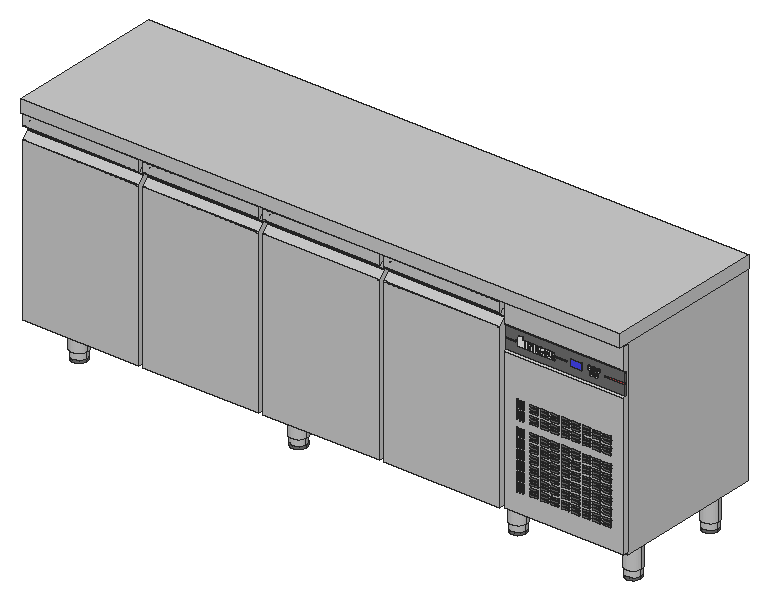
Revit family "QF_INOMAK_PMRP9999_250528093421", category Specialty Equipment, Revit 2021 (continued)
Definition of nested family "QF_INOMAK_REF_COUNTERS_DOORS_DRAWERS_26161"
  Definition of nested family "3_Drawers_1-3"
    Automatic sketch dimensions
      Extrusion 6 sketch curve to Extrusion 6 sketch curve = 1.556 mm
      plane 7 "Front legs" to Extrusion 6 sketch curve = 9.971 mm
      plane 7 "Front legs" to Extrusion 6 sketch curve = 21.094 mm
      Extrusion 6 sketch curve to Extrusion 6 sketch curve = 11.91 mm
      Extrusion 6 sketch curve to Extrusion 6 sketch curve = 2.243 mm
      Extrusion 6 sketch curve to Extrusion 6 sketch curve = 2.385 mm
      Extrusion 6 sketch curve to Extrusion 6 sketch curve = 20.119 mm
      plane 19 to Extrusion 6 sketch curve = 89.302 mm
      Extrusion 6 sketch curve to Extrusion 6 sketch curve = 22.822 mm
      Extrusion 6 sketch curve to Extrusion 6 sketch curve = 23.985 mm
      Extrusion 6 sketch curve to Extrusion 6 sketch curve = 6.919 mm
  Definition of nested family "2_Drawers_1-2"
    Parameters (values of type "2 Drawers 1-2")
      URL = "www.specifiglobal.com"
      Top inset [instance] = 4 mm
      Right panel thickness [instance] = 35 mm
      Rear inset [instance] = 10 mm
      Plinth height [instance] = 150 mm
      Model = ""
      Manufacturer = "DEMO CONSULTANT"
      Length Actual [instance] = 1200 mm
      Left panel thickness [instance] = 35 mm
      Height Actual [instance] = 900 mm
      Front inset [instance] = 10 mm
      Finish = none
      Doors drawers type [instance] = 4
      Description = ""
      Depth Actual [instance] = 700 mm
      Default Elevation = 0 mm
      Bottom inset [instance] = 4 mm
      Assembly Code = "E1090320"
      2 Drawers [instance] = Doors drawers type = 4  # yes
    Reference planes
      plane 1 "Back": y = 0
      plane 2: z = 0
      plane 3 "Left": x = 0
      plane 4 "Right": x = 1200
      plane 5 "Front": y = -700
      plane 6 "Top": z = 1050
      plane 7 "Front legs": y = -690
      plane 8 "Legs top": z = 150
      plane 9 "Backsplash thickness": y = -10
      plane 10 "Left panel": x = 35
      plane 11 "Right panel": x = 1165
      plane 12: z = 600
      plane 13: z = 1046
      plane 14: z = 602
      plane 15: z = 598
      plane 16: z = 154
    Forms (mm)
      Extrusion 1, solid, material <- "Finish", visible <- "2 Drawers"
        sketch origin (35, 0, 0) x (0, -1, 0) y (0, 0, 1)
          loop
            line (690, 602) -> (690, 960.365)
            arc (690, 960.365) -> (689.866, 961.037) -> (689.485, 961.607) r 1.757
            line (689.485, 961.607) -> (666.663, 984.429)
            arc (666.663, 984.429) -> (665.976, 985.458) -> (665.734, 986.672) r 3.172
            line (665.734, 986.672) -> (665.734, 1013.576)
            arc (665.734, 1013.576) -> (666.433, 1015.262) -> (668.119, 1015.961) r 2.385
            line (668.119, 1015.961) -> (680.029, 1015.961) -> (686.544, 1006.657)
            arc (686.544, 1006.657) -> (688.671, 1005.935) -> (690, 1007.747) r 1.9
            line (690, 1007.747) -> (690, 1046) -> (648, 1046) -> (648, 602) -> (690, 602)
        from 0 to -1130
      Extrusion 2, solid, visible <- "2 Drawers", detail levels coarse
        sketch origin (0, -640.463, 602) x (0, 1, 0) y (-1, 0, 0)
          loop
            line (-49.537, -35) -> (-624.537, -35) -> (-624.537, -1165) -> (-49.537, -1165) -> (-49.537, -35)
        from 0 to 444
      Extrusion 3, solid, visible <- "2 Drawers", detail levels coarse
        sketch origin (0, -700, 154) x (-1, 0, 0) y (0, 1, 0)
          loop
            line (-35, 10) -> (-1165, 10) -> (-1165, -565) -> (-35, -565) -> (-35, 10)
        from 0 to -444
      Extrusion 4, solid, material <- "Finish", visible <- "2 Drawers"
        sketch origin (35, 0, -441.333) x (0, -1, 0) y (0, 0, 1)
          loop
            line (690, 595.333) -> (690, 953.698)
            arc (690, 953.698) -> (689.866, 954.37) -> (689.485, 954.94) r 1.757
            line (689.485, 954.94) -> (666.663, 977.763)
            arc (666.663, 977.763) -> (665.976, 978.792) -> (665.734, 980.006) r 3.172
            line (665.734, 980.006) -> (665.734, 1006.909)
            arc (665.734, 1006.909) -> (666.433, 1008.596) -> (668.119, 1009.294) r 2.385
            line (668.119, 1009.294) -> (680.029, 1009.294) -> (686.544, 999.991)
            arc (686.544, 999.991) -> (688.671, 999.268) -> (690, 1001.08) r 1.9
            line (690, 1001.08) -> (690, 1039.333) -> (648, 1039.333) -> (648, 595.333) -> (690, 595.333)
        from 0 to -1130
    Lines and regions (mm)
      symbolic lines, visible <- "2 Drawers"
        curve 1: line (35, -940, 900) -> (35, -980, 900)
        curve 2: line (35, -980, 900) -> (1165, -980, 900)
        curve 3: line (1165, -980, 900) -> (1165, -940, 900)
        curve 4: line (1165, -940, 900) -> (35, -940, 900)
        curve 5: line (1135, -940, 900) -> (1135, -700, 900)
        curve 6: line (65, -940, 900) -> (65, -700, 900)
        curve 7: line (35, -1225, 900) -> (35, -1265, 900)
        curve 8: line (35, -1265, 900) -> (1165, -1265, 900)
        curve 9: line (1165, -1265, 900) -> (1165, -1225, 900)
        curve 10: line (1165, -1225, 900) -> (35, -1225, 900)
        curve 11: line (1135, -1225, 900) -> (1135, -980, 900)
        curve 12: line (65, -1225, 900) -> (65, -980, 900)
    Dimensions and locks
      "Length Actual": plane 3 "Left" to plane 4 "Right"
      "Depth Actual": plane 5 "Front" to plane 1 "Back"
      "Height Actual": plane 6 "Top" to plane 8 "Legs top"
      "Front inset": plane 7 "Front legs" to plane 5 "Front"
      "Plinth height": plane 8 "Legs top" to plane 2
      "Rear inset": plane 9 "Backsplash thickness" to plane 1 "Back"
      "Right panel thickness": plane 11 "Right panel" to plane 4 "Right"
      "Left panel thickness": plane 3 "Left" to plane 10 "Left panel"
      "Top inset": plane 6 "Top" to plane 13
      "Bottom inset": plane 16 to plane 8 "Legs top"
      equal spacing: plane 16, plane 12, plane 13
      locked: plane 14 to plane 12 at 2
      locked: plane 15 to plane 12 at 2
      aligned and locked: level to plane 2
      aligned and locked: Extrusion 1 to plane 11 "Right panel"
      aligned and locked: plane 10 "Left panel" to curve 1
      aligned and locked: plane 10 "Left panel" to curve 7
      aligned and locked: Extrusion 2 sketch curve to plane 10 "Left panel"
      aligned and locked: plane 11 "Right panel" to Extrusion 2 sketch curve
      aligned and locked: Extrusion 3 sketch curve to plane 10 "Left panel"
      aligned and locked: plane 11 "Right panel" to Extrusion 3 sketch curve
      aligned and locked: Extrusion 2 to plane 13
      aligned and locked: Extrusion 4 to plane 11 "Right panel"
      aligned and locked: Extrusion 3 to plane 15
      aligned and locked: Extrusion 1 sketch curve to plane 13
      aligned and locked: Extrusion 1 sketch curve to plane 7 "Front legs"
      aligned and locked: plane 14 to Extrusion 1 sketch curve
      aligned and locked: Extrusion 4 sketch curve to plane 15
      aligned and locked: Extrusion 4 sketch curve to plane 7 "Front legs"
      aligned and locked: Extrusion 4 sketch curve to plane 16
    Automatic sketch dimensions
      Extrusion 2 sketch curve to plane 7 "Front legs" = 0 mm
      Extrusion 2 sketch curve to plane 5 "Front" = 565 mm
      Extrusion 3 sketch curve to plane 7 "Front legs" = 0 mm
      Extrusion 3 sketch curve to plane 5 "Front" = 565 mm
      curve 9 to plane 11 "Right panel" = 0 mm
      curve 2 to plane 11 "Right panel" = 0 mm
      curve 5 to plane 5 "Front" = 0 mm
      curve 6 to plane 5 "Front" = 0 mm
      curve 1 to plane 5 "Front" = 240 mm
      curve 3 to curve 3 = 40 mm
      curve 7 to curve 1 = 245 mm
      curve 8 to curve 9 = 40 mm
      plane 11 "Right panel" to curve 5 = 30 mm
      curve 2 to curve 11 = 30 mm
      curve 6 to plane 10 "Left panel" = 30 mm
      curve 12 to plane 10 "Left panel" = 30 mm
      Extrusion 1 sketch curve to Extrusion 1 sketch curve = 17.734 mm
      Extrusion 1 sketch curve to Extrusion 1 sketch curve = 0.929 mm
      Extrusion 1 sketch curve to Extrusion 1 sketch curve = 2.385 mm
      Extrusion 1 sketch curve to Extrusion 1 sketch curve = 3.172 mm
      Extrusion 1 sketch curve to Extrusion 1 sketch curve = 11.91 mm
      Extrusion 1 sketch curve to Extrusion 1 sketch curve = 6.515 mm
      Extrusion 1 sketch curve to Extrusion 1 sketch curve = 1.556 mm
      Extrusion 1 sketch curve to Extrusion 1 sketch curve = 21.58 mm
      Extrusion 1 sketch curve to Extrusion 1 sketch curve = 1.242 mm
      Extrusion 1 sketch curve to Extrusion 1 sketch curve = 1.9 mm
      Extrusion 1 sketch curve to Extrusion 1 sketch curve = 0.515 mm
      Extrusion 1 sketch curve to Extrusion 1 sketch curve = 22.822 mm
      Extrusion 1 sketch curve to Extrusion 1 sketch curve = 19.985 mm
      Extrusion 1 sketch curve to Extrusion 1 sketch curve = 6.919 mm
      Extrusion 1 sketch curve to Extrusion 1 sketch curve = 30.039 mm
      Extrusion 4 sketch curve to plane 7 "Front legs" = 0 mm
      plane 7 "Front legs" to Extrusion 4 sketch curve = 0.515 mm
      plane 7 "Front legs" to Extrusion 4 sketch curve = 1.757 mm
      plane 7 "Front legs" to Extrusion 4 sketch curve = 1.9 mm
      Extrusion 4 sketch curve to Extrusion 4 sketch curve = 1.556 mm
      plane 7 "Front legs" to Extrusion 4 sketch curve = 9.971 mm
      plane 7 "Front legs" to Extrusion 4 sketch curve = 21.094 mm
      Extrusion 4 sketch curve to Extrusion 4 sketch curve = 11.91 mm
      Extrusion 4 sketch curve to Extrusion 4 sketch curve = 2.243 mm
      Extrusion 4 sketch curve to Extrusion 4 sketch curve = 2.385 mm
      Extrusion 4 sketch curve to Extrusion 4 sketch curve = 20.119 mm
      Extrusion 4 sketch curve to Extrusion 4 sketch curve = 22.822 mm
      Extrusion 4 sketch curve to Extrusion 4 sketch curve = 19.985 mm
      Extrusion 4 sketch curve to Extrusion 4 sketch curve = 6.919 mm
      Extrusion 4 sketch curve to Extrusion 4 sketch curve = 30.039 mm
  Definition of nested family "2_Drawers_1-3_2-3"
    Parameters (values of type "2 Drawers 1-3 and 2-3")
      URL = "www.specifiglobal.com"
      Top inset [instance] = 4 mm
      Right panel thickness [instance] = 35 mm
      Rear inset [instance] = 10 mm
      Plinth height [instance] = 150 mm
      Model = ""
      Manufacturer = "DEMO CONSULTANT"
      Length Actual [instance] = 1200 mm
      Left panel thickness [instance] = 35 mm
      Height Actual [instance] = 900 mm
      Front inset [instance] = 10 mm
      Finish = none
      Doors drawers type [instance] = 5
      Description = ""
      Depth Actual [instance] = 700 mm
      Default Elevation = 0 mm
      Bottom inset [instance] = 4 mm
      Assembly Code = "E1090320"
      2 Drawers 1-3 and 2-3 [instance] = Doors drawers type = 5  # yes
    Reference planes
      plane 1 "Back": y = 0
      plane 2: z = 0
      plane 3 "Left": x = 0
      plane 4 "Right": x = 1200
      plane 5 "Front": y = -700
      plane 6 "Top": z = 1050
      plane 7 "Front legs": y = -690
      plane 8 "Legs top": z = 150
      plane 9 "Backsplash thickness": y = -10
      plane 10 "Left panel": x = 35
      plane 11 "Right panel": x = 1165
      plane 12: z = 1046
      plane 13: z = 751.833
      plane 14: z = 746.833
      plane 15: z = 154
      plane 16: z = 450.667
      plane 17: z = 152
      plane 18: z = 1048
      plane 19: z = 749.333
    Forms (mm)
      Extrusion 1, solid, material <- "Finish", visible <- "2 Drawers 1-3 and 2-3"
        sketch origin (35, 0, 0) x (0, -1, 0) y (0, 0, 1)
          loop
            line (690, 751.833) -> (690, 960.365)
            arc (690, 960.365) -> (689.866, 961.037) -> (689.485, 961.607) r 1.757
            line (689.485, 961.607) -> (666.663, 984.429)
            arc (666.663, 984.429) -> (665.976, 985.458) -> (665.734, 986.672) r 3.172
            line (665.734, 986.672) -> (665.734, 1013.576)
            arc (665.734, 1013.576) -> (666.433, 1015.262) -> (668.119, 1015.961) r 2.385
            line (668.119, 1015.961) -> (680.029, 1015.961) -> (686.544, 1006.657)
            arc (686.544, 1006.657) -> (688.671, 1005.935) -> (690, 1007.747) r 1.9
            line (690, 1007.747) -> (690, 1046) -> (648, 1046) -> (648, 751.833) -> (690, 751.833)
        from 0 to -1130
      Extrusion 2, solid, visible <- "2 Drawers 1-3 and 2-3", detail levels coarse
        sketch origin (0, -640.463, 751.833) x (0, 1, 0) y (-1, 0, 0)
          loop
            line (-49.537, -35) -> (-624.537, -35) -> (-624.537, -1165) -> (-49.537, -1165) -> (-49.537, -35)
        from 0 to 294.167
      Extrusion 3, solid, visible <- "2 Drawers 1-3 and 2-3", detail levels coarse
        sketch origin (0, -700, 154) x (-1, 0, 0) y (0, 1, 0)
          loop
            line (-35, 10) -> (-1165, 10) -> (-1165, -565) -> (-35, -565) -> (-35, 10)
        from 0 to -592.833
      Extrusion 4, solid, material <- "Finish", visible <- "2 Drawers 1-3 and 2-3"
        sketch origin (35, 0, -441.333) x (0, -1, 0) y (0, 0, 1)
          loop
            line (690, 595.333) -> (690, 1101.698)
            arc (690, 1101.698) -> (689.866, 1102.37) -> (689.485, 1102.94) r 1.757
            line (689.485, 1102.94) -> (666.663, 1126.596)
            arc (666.663, 1126.596) -> (665.976, 1127.625) -> (665.734, 1128.839) r 3.172
            line (665.734, 1128.839) -> (665.734, 1155.743)
            arc (665.734, 1155.743) -> (666.433, 1157.429) -> (668.119, 1158.128) r 2.385
            line (668.119, 1158.128) -> (680.029, 1158.128) -> (686.544, 1148.824)
            arc (686.544, 1148.824) -> (688.671, 1148.102) -> (690, 1149.914) r 1.9
            line (690, 1149.914) -> (690, 1188.167) -> (648, 1188.167) -> (648, 595.333) -> (690, 595.333)
        from 0 to -1130
    Lines and regions (mm)
      symbolic lines, visible <- "2 Drawers 1-3 and 2-3"
        curve 1: line (35, -1000, 900) -> (35, -1040, 900)
        curve 2: line (35, -1040, 900) -> (1165, -1040, 900)
        curve 3: line (1165, -1040, 900) -> (1165, -1000, 900)
        curve 4: line (1165, -1000, 900) -> (35, -1000, 900)
        curve 5: line (1135, -1000, 900) -> (1135, -700, 900)
        curve 6: line (65, -1000, 900) -> (65, -700, 900)
        curve 7: line (35, -1225, 900) -> (35, -1265, 900)
        curve 8: line (35, -1265, 900) -> (1165, -1265, 900)
        curve 9: line (1165, -1265, 900) -> (1165, -1225, 900)
        curve 10: line (1165, -1225, 900) -> (35, -1225, 900)
        curve 11: line (1135, -1225, 900) -> (1135, -1040, 900)
        curve 12: line (65, -1225, 900) -> (65, -1040, 900)
    Dimensions and locks
      "Length Actual": plane 3 "Left" to plane 4 "Right"
      "Depth Actual": plane 5 "Front" to plane 1 "Back"
      "Height Actual": plane 6 "Top" to plane 8 "Legs top"
      "Front inset": plane 7 "Front legs" to plane 5 "Front"
      "Plinth height": plane 8 "Legs top" to plane 2
      "Rear inset": plane 9 "Backsplash thickness" to plane 1 "Back"
      "Right panel thickness": plane 11 "Right panel" to plane 4 "Right"
      "Left panel thickness": plane 3 "Left" to plane 10 "Left panel"
      "Top inset": plane 6 "Top" to plane 12
      locked: plane 13 to plane 14 at 5
      "Bottom inset": plane 15 to plane 8 "Legs top"
      equal spacing: plane 17, plane 16, plane 19, plane 18
      equal spacing: plane 12, plane 18, plane 6 "Top"
      equal spacing: plane 14, plane 19, plane 13
      equal spacing: plane 15, plane 17, plane 8 "Legs top"
      aligned and locked: level to plane 2
      aligned and locked: Extrusion 1 to plane 11 "Right panel"
      aligned and locked: plane 10 "Left panel" to curve 1
      aligned and locked: plane 10 "Left panel" to curve 7
      aligned and locked: Extrusion 2 sketch curve to plane 10 "Left panel"
      aligned and locked: plane 11 "Right panel" to Extrusion 2 sketch curve
      aligned and locked: Extrusion 3 sketch curve to plane 10 "Left panel"
      aligned and locked: plane 11 "Right panel" to Extrusion 3 sketch curve
      aligned and locked: Extrusion 2 to plane 12
      aligned and locked: Extrusion 4 to plane 11 "Right panel"
      aligned and locked: Extrusion 3 to plane 14
      aligned and locked: plane 13 to Extrusion 1 sketch curve
      aligned and locked: Extrusion 2 to Extrusion 1 sketch curve
      aligned and locked: Extrusion 3 to Extrusion 4 sketch curve
      aligned and locked: Extrusion 4 sketch curve to Extrusion 3  (x2)
      aligned and locked: Extrusion 1 sketch curve to plane 7 "Front legs"
    Automatic sketch dimensions
      Extrusion 2 sketch curve to plane 7 "Front legs" = 0 mm
      Extrusion 2 sketch curve to plane 5 "Front" = 565 mm
      Extrusion 3 sketch curve to plane 7 "Front legs" = 0 mm
      Extrusion 3 sketch curve to plane 5 "Front" = 565 mm
      curve 9 to plane 11 "Right panel" = 0 mm
      curve 2 to plane 11 "Right panel" = 0 mm
      curve 5 to plane 5 "Front" = 0 mm
      curve 6 to plane 5 "Front" = 0 mm
      curve 1 to plane 5 "Front" = 300 mm
      curve 3 to curve 3 = 40 mm
      curve 7 to curve 1 = 185 mm
      curve 8 to curve 9 = 40 mm
      plane 11 "Right panel" to curve 5 = 30 mm
      curve 11 to curve 5 = 0 mm
      curve 6 to plane 10 "Left panel" = 30 mm
      curve 12 to curve 6 = 0 mm
      Extrusion 1 sketch curve to plane 7 "Front legs" = 0 mm
      plane 7 "Front legs" to Extrusion 1 sketch curve = 0.515 mm
      plane 7 "Front legs" to Extrusion 1 sketch curve = 1.757 mm
      plane 7 "Front legs" to Extrusion 1 sketch curve = 1.9 mm
      Extrusion 1 sketch curve to Extrusion 1 sketch curve = 1.556 mm
      plane 7 "Front legs" to Extrusion 1 sketch curve = 9.971 mm
      plane 7 "Front legs" to Extrusion 1 sketch curve = 21.094 mm
      Extrusion 1 sketch curve to Extrusion 1 sketch curve = 11.91 mm
      Extrusion 1 sketch curve to Extrusion 1 sketch curve = 2.243 mm
      Extrusion 1 sketch curve to Extrusion 1 sketch curve = 2.385 mm
      Extrusion 1 sketch curve to Extrusion 1 sketch curve = 20.119 mm
      plane 12 to Extrusion 1 sketch curve = 85.635 mm
      Extrusion 1 sketch curve to Extrusion 1 sketch curve = 22.822 mm
      Extrusion 1 sketch curve to Extrusion 1 sketch curve = 19.985 mm
      Extrusion 1 sketch curve to Extrusion 1 sketch curve = 6.919 mm
      plane 12 to Extrusion 1 sketch curve = 0 mm
      Extrusion 4 sketch curve to plane 7 "Front legs" = 0 mm
      plane 7 "Front legs" to Extrusion 4 sketch curve = 0.515 mm
      plane 7 "Front legs" to Extrusion 4 sketch curve = 1.9 mm
      Extrusion 4 sketch curve to Extrusion 4 sketch curve = 1.556 mm
      plane 7 "Front legs" to Extrusion 4 sketch curve = 9.971 mm
      plane 7 "Front legs" to Extrusion 4 sketch curve = 21.094 mm
      Extrusion 4 sketch curve to Extrusion 4 sketch curve = 11.91 mm
      Extrusion 4 sketch curve to Extrusion 4 sketch curve = 2.243 mm
      Extrusion 4 sketch curve to Extrusion 4 sketch curve = 2.385 mm
      Extrusion 4 sketch curve to Extrusion 4 sketch curve = 20.119 mm
      Extrusion 4 sketch curve to Extrusion 4 sketch curve = 86.469 mm
      Extrusion 4 sketch curve to Extrusion 4 sketch curve = 23.656 mm
      Extrusion 4 sketch curve to Extrusion 4 sketch curve = 19.985 mm
      Extrusion 4 sketch curve to Extrusion 4 sketch curve = 6.919 mm
      plane 7 "Front legs" to Extrusion 4 sketch curve = 1.757 mm
  Definition of nested family "Sliding_Doors"
    Parameters (values of type "Sliding doors")
      URL = "www.specifiglobal.com"
      Top inset [instance] = 4 mm
      Sliding doors [instance] = Doors drawers type = 2  # yes
      Right panel thickness [instance] = 35 mm
      Rear inset [instance] = 10 mm
      Plinth height [instance] = 150 mm
      Model = ""
      Manufacturer = "DEMO CONSULTANT"
      Length Actual [instance] = 1200 mm
      Left panel thickness [instance] = 35 mm
      Height Actual [instance] = 900 mm
      Front inset [instance] = 10 mm
      Finish [instance] = none
      Doors drawers type [instance] = 2
      Description = ""
      Depth Actual [instance] = 700 mm
      Default Elevation = 0 mm
      Bottom inset [instance] = 4 mm
      Assembly Code = "E1090320"
    Reference planes
      plane 1 "Back": y = 0
      plane 2: z = 0
      plane 3 "Left": x = 0
      plane 4 "Right": x = 1200
      plane 5 "Front": y = -700
      plane 6 "Top": z = 1050
      plane 7 "Front legs": y = -690
      plane 8 "Legs top": z = 150
      plane 9 "Backsplash thickness": y = -10
      plane 10: x = 35
      plane 11: x = 1165
      plane 12 "Center Left-Right": x = 600
      plane 13: z = 154
      plane 14: z = 1046
    Forms (mm)
      Extrusion 1, solid, material <- "Finish", visible <- "Sliding doors"
        sketch origin (0, -690, 154) x (-1, 0, 0) y (0, 1, 0)
          loop
            line (-35, 10) -> (-35, 20) -> (-620, 20) -> (-620, 0) -> (-91.156, 0)
            arc (-91.156, 0) -> (-85.272, 0.885) -> (-79.91, 3.461) r 20
            line (-79.91, 3.461) -> (-60, 17) -> (-38, 17) -> (-38, 10)
            arc (-38, 10) -> (-40.05, 5.05) -> (-45, 3) r 7
            line (-45, 3) -> (-50.012, 3) -> (-50.012, 0) -> (-45, 0)
            arc (-45, 0) -> (-37.929, 2.929) -> (-35, 10) r 10
        from 0 to -892
      Extrusion 2, solid, material <- "Finish", visible <- "Sliding doors"
        sketch origin (0, -689, 154) x (-1, 0, 0) y (0, 1, 0)
          loop
            arc (-1065, 30) -> (-1062.071, 22.929) -> (-1055, 20) r 10
            line (-1055, 20) -> (-1049.988, 20) -> (-1049.988, 23) -> (-1055, 23)
            arc (-1055, 23) -> (-1059.95, 25.05) -> (-1062, 30) r 7
            line (-1062, 30) -> (-1062, 37) -> (-1040, 37) -> (-1020.09, 23.461)
            arc (-1020.09, 23.461) -> (-1014.728, 20.885) -> (-1008.844, 20) r 20
            line (-1008.844, 20) -> (-480, 20) -> (-480, 40) -> (-1065, 40) -> (-1065, 30)
        from 0 to -892
    Lines and regions (mm)
      symbolic lines, visible <- "Sliding doors"
        curve 1: line (1065, -649, 150) -> (480, -649, 150)
        curve 2: line (1065, -669, 150) -> (1065, -649, 150)
        curve 3: line (480, -669, 150) -> (1065, -669, 150)
        curve 4: line (480, -649, 150) -> (480, -669, 150)
        curve 5: line (620, -690, 150) -> (35, -690, 150)
        curve 6: line (620, -670, 150) -> (620, -690, 150)
        curve 7: line (35, -670, 150) -> (620, -670, 150)
        curve 8: line (35, -690, 150) -> (35, -670, 150)
    Dimensions and locks
      "Length Actual": plane 3 "Left" to plane 4 "Right"
      "Depth Actual": plane 5 "Front" to plane 1 "Back"
      "Height Actual": plane 6 "Top" to plane 8 "Legs top"
      "Front inset": plane 7 "Front legs" to plane 5 "Front"
      "Plinth height": plane 8 "Legs top" to plane 2
      "Rear inset": plane 9 "Backsplash thickness" to plane 1 "Back"
      "Right panel thickness": plane 11 to plane 4 "Right"
      "Left panel thickness": plane 3 "Left" to plane 10
      equal spacing: plane 10, plane 12 "Center Left-Right", plane 11
      "Top inset": plane 6 "Top" to plane 14
      "Bottom inset": plane 13 to plane 8 "Legs top"
      locked: plane 12 "Center Left-Right" to curve 4 at 120
      locked: plane 12 "Center Left-Right" to curve 5 at 20
      locked: plane 11 to curve 1 at 100
      aligned and locked: level to plane 2
      aligned and locked: Extrusion 1 sketch curve to plane 7 "Front legs"
      aligned and locked: Extrusion 1 sketch curve to plane 10
      aligned and locked: Extrusion 1 to plane 14
      aligned and locked: Extrusion 2 to plane 14
      aligned and locked: curve 8 to plane 10
    Automatic sketch dimensions
      Extrusion 2 sketch curve to Extrusion 2 sketch curve = 0 mm  (x2)
      plane 11 to Extrusion 2 sketch curve = 100 mm
      Extrusion 2 sketch curve to Extrusion 2 sketch curve = 3 mm
      Extrusion 2 sketch curve to Extrusion 2 sketch curve = 7 mm  (x2)
      Extrusion 2 sketch curve to Extrusion 2 sketch curve = 5.012 mm
      plane 7 "Front legs" to Extrusion 2 sketch curve = 38 mm
      Extrusion 2 sketch curve to Extrusion 2 sketch curve = 15 mm
      plane 7 "Front legs" to Extrusion 2 sketch curve = 24.461 mm
      Extrusion 2 sketch curve to Extrusion 2 sketch curve = 19.91 mm
      Extrusion 2 sketch curve to Extrusion 2 sketch curve = 11.246 mm
      Extrusion 2 sketch curve to plane 12 "Center Left-Right" = 120 mm
      Extrusion 2 sketch curve to Extrusion 2 sketch curve = 16.539 mm
      Extrusion 2 sketch curve to Extrusion 2 sketch curve = 20 mm
      Extrusion 1 sketch curve to Extrusion 1 sketch curve = 0 mm  (x2)
      Extrusion 1 sketch curve to plane 7 "Front legs" = 0 mm
      Extrusion 1 sketch curve to plane 10 = 3 mm
      Extrusion 1 sketch curve to Extrusion 1 sketch curve = 7 mm
      Extrusion 1 sketch curve to Extrusion 1 sketch curve = 5.012 mm
      Extrusion 1 sketch curve to Extrusion 1 sketch curve = 15 mm
      plane 7 "Front legs" to Extrusion 1 sketch curve = 3.461 mm
      Extrusion 1 sketch curve to Extrusion 1 sketch curve = 19.91 mm
      Extrusion 1 sketch curve to Extrusion 1 sketch curve = 11.246 mm
      plane 12 "Center Left-Right" to Extrusion 1 sketch curve = 20 mm
      Extrusion 1 sketch curve to Extrusion 1 sketch curve = 20 mm
      Extrusion 1 sketch curve to Extrusion 1 sketch curve = 3 mm
      curve 8 to plane 7 "Front legs" = 0 mm
      curve 5 to curve 6 = 20 mm
      plane 7 "Front legs" to curve 2 = 21 mm
      curve 2 to curve 2 = 20 mm
  Definition of nested family "4_Drawers_1-4"
    Parameters (values of type "4 Drawers 1-4")
      URL = "www.specifiglobal.com"
      Top inset [instance] = 4 mm
      Right panel thickness [instance] = 35 mm
      Rear inset [instance] = 10 mm
      Plinth height [instance] = 150 mm
      Model = ""
      Manufacturer = "DEMO CONSULTANT"
      Length Actual [instance] = 1200 mm
      Left panel thickness [instance] = 35 mm
      Height Actual [instance] = 900 mm
      Front inset [instance] = 10 mm
      Finish [instance] = none
      Doors drawers type [instance] = 7
      Description = ""
      Depth Actual [instance] = 700 mm
      Default Elevation = 0 mm
      Bottom inset [instance] = 4 mm
      Assembly Code = "E1090320"
      4 Drawers [instance] = Doors drawers type = 7  # yes
    Reference planes
      plane 1 "Back": y = 0
      plane 2: z = 0
      plane 3 "Left": x = 0
      plane 4 "Right": x = 1200
      plane 5 "Front": y = -700
      plane 6 "Top": z = 1050
      plane 7 "Front legs": y = -690
      plane 8 "Legs top": z = 150
      plane 9 "Backsplash thickness": y = -10
      plane 10 "Left panel": x = 35
      plane 11 "Right panel": x = 1165
      plane 12: z = 824.25
      plane 13: z = 1046
      plane 14: z = 826.083
      plane 15: z = 822.417
      plane 16: z = 1048.5
      plane 17: z = 375.75
      plane 18: z = 377.917
      plane 19: z = 373.583
      plane 20: z = 154
      plane 21: z = 151.5
      plane 22: z = 600
      plane 23: z = 601.833
      plane 24: z = 598.167
    Forms (mm)
      Extrusion 1, solid, material <- "Finish", visible <- "4 Drawers"
        sketch origin (35, 0, -1) x (0, -1, 0) y (0, 0, 1)
          loop
            line (680, 1047) -> (670, 1047) -> (670, 827.083) -> (690, 827.083) -> (690, 990.844)
            arc (690, 990.844) -> (689.115, 996.728) -> (686.539, 1002.09) r 20
            line (686.539, 1002.09) -> (673, 1022) -> (673, 1044) -> (680, 1044)
            arc (680, 1044) -> (684.95, 1041.95) -> (687, 1037) r 7
            line (687, 1037) -> (687, 1031.988) -> (690, 1031.988) -> (690, 1037)
            arc (690, 1037) -> (687.071, 1044.071) -> (680, 1047) r 10
        from 0 to -1130
      Extrusion 2, solid, visible <- "4 Drawers", detail levels coarse
        sketch origin (0, -640.463, 826.083) x (0, 1, 0) y (-1, 0, 0)
          loop
            line (-49.537, -35) -> (-624.537, -35) -> (-624.537, -1165) -> (-49.537, -1165) -> (-49.537, -35)
        from 0 to 219.917
      Extrusion 3, solid, visible <- "4 Drawers", detail levels coarse
        sketch origin (0, -700, 154) x (-1, 0, 0) y (0, 1, 0)
          loop
            line (-35, 10) -> (-1165, 10) -> (-1165, -565) -> (-35, -565) -> (-35, 10)
        from 0 to -219.583
      Extrusion 4, solid, material <- "Finish", visible <- "4 Drawers"
        sketch origin (35, 0, -440.333) x (0, -1, 0) y (0, 0, 1)
          loop
            line (680, 813.917) -> (670, 813.917) -> (670, 594.333) -> (690, 594.333) -> (690, 757.761)
            arc (690, 757.761) -> (689.115, 763.644) -> (686.539, 769.007) r 20
            line (686.539, 769.007) -> (673, 788.917) -> (673, 810.917) -> (680, 810.917)
            arc (680, 810.917) -> (684.95, 808.866) -> (687, 803.917) r 7
            line (687, 803.917) -> (687, 798.904) -> (690, 798.904) -> (690, 803.917)
            arc (690, 803.917) -> (687.071, 810.988) -> (680, 813.917) r 10
        from 0 to -1130
      Extrusion 5, solid, material <- "Finish", visible <- "4 Drawers"
        sketch origin (35, 0, -165.333) x (0, -1, 0) y (0, 0, 1)
          loop
            line (680, 987.75) -> (670, 987.75) -> (670, 767.167) -> (690, 767.167) -> (690, 931.594)
            arc (690, 931.594) -> (689.115, 937.478) -> (686.539, 942.84) r 20
            line (686.539, 942.84) -> (673, 962.75) -> (673, 984.75) -> (680, 984.75)
            arc (680, 984.75) -> (684.95, 982.7) -> (687, 977.75) r 7
            line (687, 977.75) -> (687, 972.738) -> (690, 972.738) -> (690, 977.75)
            arc (690, 977.75) -> (687.071, 984.821) -> (680, 987.75) r 10
        from 0 to -1130
      Extrusion 6, solid, material <- "Finish", visible <- "4 Drawers"
        sketch origin (35, 0, -330.333) x (0, -1, 0) y (0, 0, 1)
          loop
            line (680, 928.5) -> (670, 928.5) -> (670, 708.25) -> (690, 708.25) -> (690, 872.344)
            arc (690, 872.344) -> (689.115, 878.228) -> (686.539, 883.59) r 20
            line (686.539, 883.59) -> (673, 903.5) -> (673, 925.5) -> (680, 925.5)
            arc (680, 925.5) -> (684.95, 923.45) -> (687, 918.5) r 7
            line (687, 918.5) -> (687, 913.488) -> (690, 913.488) -> (690, 918.5)
            arc (690, 918.5) -> (687.071, 925.571) -> (680, 928.5) r 10
        from 0 to -1130
      Extrusion 7, solid, visible <- "4 Drawers", detail levels coarse
        sketch origin (0, -500.463, 601.833) x (0, 1, 0) y (-1, 0, 0)
          loop
            line (-189.537, -35) -> (-764.537, -35) -> (-764.537, -1165) -> (-189.537, -1165) -> (-189.537, -35)
        from 0 to 220.583
      Extrusion 8, solid, visible <- "4 Drawers", detail levels coarse
        sketch origin (0, -540.463, 377.917) x (0, 1, 0) y (-1, 0, 0)
          loop
            line (-149.537, -35) -> (-724.537, -35) -> (-724.537, -1165) -> (-149.537, -1165) -> (-149.537, -35)
        from 0 to 220.25
    Lines and regions (mm)
      symbolic lines, visible <- "4 Drawers"
        curve 1: line (35, -945, 900) -> (35, -985, 900)
        curve 2: line (35, -985, 900) -> (1165, -985, 900)
        curve 3: line (1165, -985, 900) -> (1165, -945, 900)
        curve 4: line (1165, -945, 900) -> (35, -945, 900)
        curve 5: line (1135, -945, 900) -> (1135, -845, 900)
        curve 6: line (65, -945, 900) -> (65, -845, 900)
        curve 7: line (35, -1085, 900) -> (35, -1125, 900)
        curve 8: line (35, -1125, 900) -> (1165, -1125, 900)
        curve 9: line (1165, -1125, 900) -> (1165, -1085, 900)
        curve 10: line (1165, -1085, 900) -> (35, -1085, 900)
        curve 11: line (1135, -1085, 900) -> (1135, -985, 900)
        curve 12: line (65, -1085, 900) -> (65, -985, 900)
        curve 13: line (35, -1225, 900) -> (35, -1265, 900)
        curve 14: line (35, -1265, 900) -> (1165, -1265, 900)
        curve 15: line (1165, -1265, 900) -> (1165, -1225, 900)
        curve 16: line (1165, -1225, 900) -> (35, -1225, 900)
        curve 17: line (1135, -1225, 900) -> (1135, -1125, 900)
        curve 18: line (65, -1225, 900) -> (65, -1125, 900)
        curve 19: line (35, -805, 900) -> (35, -845, 900)
        curve 20: line (35, -845, 900) -> (1165, -845, 900)
        curve 21: line (1165, -845, 900) -> (1165, -805, 900)
        curve 22: line (1165, -805, 900) -> (35, -805, 900)
        curve 23: line (65, -805, 900) -> (65, -700, 900)
        curve 24: line (1135, -805, 900) -> (1135, -700, 900)
    Dimensions and locks
      "Length Actual": plane 3 "Left" to plane 4 "Right"
      "Depth Actual": plane 5 "Front" to plane 1 "Back"
      "Height Actual": plane 6 "Top" to plane 8 "Legs top"
      "Front inset": plane 7 "Front legs" to plane 5 "Front"
      "Plinth height": plane 8 "Legs top" to plane 2
      "Rear inset": plane 9 "Backsplash thickness" to plane 1 "Back"
      "Right panel thickness": plane 11 "Right panel" to plane 4 "Right"
      "Left panel thickness": plane 3 "Left" to plane 10 "Left panel"
      locked: plane 14 to plane 15 at 3.667
      equal spacing: plane 14, plane 12, plane 15
      locked: plane 23 to plane 24 at 3.667
      equal spacing: plane 23, plane 22, plane 24
      "Bottom inset": plane 20 to plane 8 "Legs top"
      equal spacing: plane 19, plane 17, plane 18
      locked: plane 19 to plane 18 at 4.333
      equal spacing: plane 21, plane 17, plane 22, plane 12, plane 16
      locked: plane 13 to plane 16 at 2.5
      "Top inset": plane 13 to plane 6 "Top"
      locked: plane 21 to plane 20 at 2.5
      aligned and locked: level to plane 2
      aligned and locked: plane 7 "Front legs" to Extrusion 1 sketch curve  (x2)
      aligned and locked: Extrusion 1 to plane 11 "Right panel"
      aligned and locked: Extrusion 1 sketch curve to plane 13
      aligned and locked: Extrusion 1 sketch curve to plane 14
      aligned and locked: plane 10 "Left panel" to curve 1
      aligned and locked: plane 10 "Left panel" to curve 7
      aligned and locked: plane 10 "Left panel" to curve 13
      aligned and locked: Extrusion 2 sketch curve to plane 10 "Left panel"
      aligned and locked: plane 11 "Right panel" to Extrusion 2 sketch curve
      aligned and locked: Extrusion 3 sketch curve to plane 10 "Left panel"
      aligned and locked: plane 11 "Right panel" to Extrusion 3 sketch curve
      aligned and locked: Extrusion 2 to plane 13
      aligned and locked: Extrusion 3 to plane 19
      aligned and locked: plane 20 to Extrusion 4 sketch curve
      aligned and locked: Extrusion 4 to plane 11 "Right panel"
      aligned and locked: Extrusion 5 sketch curve to plane 15
      aligned and locked: plane 7 "Front legs" to Extrusion 5 sketch curve
      aligned and locked: Extrusion 5 sketch curve to plane 23
      aligned and locked: Extrusion 6 sketch curve to plane 24
      aligned and locked: plane 7 "Front legs" to Extrusion 6 sketch curve
      aligned and locked: Extrusion 6 sketch curve to plane 18
      aligned and locked: Extrusion 7 to plane 15
      aligned and locked: Extrusion 8 to plane 24
      aligned and locked: Extrusion 5 to plane 11 "Right panel"
      aligned and locked: Extrusion 6 to plane 11 "Right panel"
    Automatic sketch dimensions
      Extrusion 1 sketch curve to Extrusion 1 sketch curve = 0 mm  (x2)
      plane 7 "Front legs" to Extrusion 1 sketch curve = 3 mm
      plane 7 "Front legs" to Extrusion 1 sketch curve = 3.461 mm
      plane 7 "Front legs" to Extrusion 1 sketch curve = 10 mm
      Extrusion 1 sketch curve to Extrusion 1 sketch curve = 7 mm
      plane 7 "Front legs" to Extrusion 1 sketch curve = 20 mm  (x2)
      Extrusion 1 sketch curve to Extrusion 1 sketch curve = 46.156 mm
      Extrusion 1 sketch curve to Extrusion 1 sketch curve = 15 mm
      Extrusion 1 sketch curve to Extrusion 1 sketch curve = 5.012 mm
      Extrusion 2 sketch curve to plane 7 "Front legs" = 0 mm
      Extrusion 2 sketch curve to plane 5 "Front" = 565 mm
      Extrusion 3 sketch curve to plane 7 "Front legs" = 0 mm
      Extrusion 3 sketch curve to plane 5 "Front" = 565 mm
      Extrusion 5 sketch curve to Extrusion 5 sketch curve = 0 mm  (x2)
      Extrusion 5 sketch curve to plane 7 "Front legs" = 0 mm
      plane 7 "Front legs" to Extrusion 5 sketch curve = 3 mm
      plane 7 "Front legs" to Extrusion 5 sketch curve = 3.461 mm
      plane 7 "Front legs" to Extrusion 5 sketch curve = 10 mm
      Extrusion 5 sketch curve to Extrusion 5 sketch curve = 7 mm
      plane 7 "Front legs" to Extrusion 5 sketch curve = 20 mm  (x2)
      Extrusion 5 sketch curve to Extrusion 5 sketch curve = 46.156 mm
      Extrusion 5 sketch curve to Extrusion 5 sketch curve = 15 mm
      Extrusion 5 sketch curve to Extrusion 5 sketch curve = 5.012 mm
      Extrusion 6 sketch curve to Extrusion 6 sketch curve = 0 mm  (x2)
      Extrusion 6 sketch curve to plane 7 "Front legs" = 0 mm
      plane 7 "Front legs" to Extrusion 6 sketch curve = 3 mm
      plane 7 "Front legs" to Extrusion 6 sketch curve = 3.461 mm
      plane 7 "Front legs" to Extrusion 6 sketch curve = 10 mm
      Extrusion 6 sketch curve to Extrusion 6 sketch curve = 7 mm
      plane 7 "Front legs" to Extrusion 6 sketch curve = 20 mm  (x2)
      Extrusion 6 sketch curve to Extrusion 6 sketch curve = 46.156 mm
      Extrusion 6 sketch curve to Extrusion 6 sketch curve = 15 mm
      Extrusion 6 sketch curve to Extrusion 6 sketch curve = 5.012 mm
      curve 14 to plane 11 "Right panel" = 0 mm
      curve 8 to plane 11 "Right panel" = 0 mm
      curve 2 to plane 11 "Right panel" = 0 mm
      curve 21 to plane 11 "Right panel" = 0 mm
      curve 20 to plane 10 "Left panel" = 0 mm
      curve 23 to plane 5 "Front" = 0 mm
      curve 24 to plane 5 "Front" = 0 mm
      curve 21 to plane 5 "Front" = 105 mm
      curve 20 to curve 21 = 40 mm
      curve 3 to curve 20 = 100 mm
      curve 3 to curve 3 = 40 mm
      curve 10 to curve 1 = 100 mm
      curve 9 to curve 9 = 40 mm
      curve 15 to curve 8 = 100 mm
      curve 15 to curve 15 = 40 mm
      plane 11 "Right panel" to curve 24 = 30 mm
      curve 8 to curve 17 = 30 mm
      curve 11 to curve 17 = 0 mm
      curve 23 to plane 10 "Left panel" = 30 mm
      curve 12 to curve 6 = 0 mm
      curve 18 to curve 12 = 0 mm
      Extrusion 4 sketch curve to Extrusion 4 sketch curve = 0 mm  (x2)
      plane 19 to Extrusion 4 sketch curve = 0 mm
      Extrusion 4 sketch curve to plane 7 "Front legs" = 0 mm  (x2)
      plane 7 "Front legs" to Extrusion 4 sketch curve = 3 mm
      plane 7 "Front legs" to Extrusion 4 sketch curve = 3.461 mm
      plane 7 "Front legs" to Extrusion 4 sketch curve = 10 mm
      Extrusion 4 sketch curve to Extrusion 4 sketch curve = 7 mm
      plane 7 "Front legs" to Extrusion 4 sketch curve = 20 mm  (x2)
      Extrusion 4 sketch curve to Extrusion 4 sketch curve = 46.156 mm
      Extrusion 4 sketch curve to Extrusion 4 sketch curve = 15 mm
      Extrusion 4 sketch curve to Extrusion 4 sketch curve = 5.012 mm
      Extrusion 7 sketch curve to plane 10 "Left panel" = 0 mm
      Extrusion 7 sketch curve to plane 11 "Right panel" = 0 mm
      Extrusion 7 sketch curve to plane 7 "Front legs" = 0 mm
      Extrusion 7 sketch curve to plane 5 "Front" = 565 mm
      Extrusion 8 sketch curve to plane 10 "Left panel" = 0 mm
      Extrusion 8 sketch curve to plane 11 "Right panel" = 0 mm
      Extrusion 8 sketch curve to plane 7 "Front legs" = 0 mm
      Extrusion 8 sketch curve to plane 5 "Front" = 565 mm
      curve 6 to plane 10 "Left panel" = 30 mm
      curve 5 to curve 24 = 0 mm
  Definition of nested family "Hinged_Doors"
    Parameters (values of type "Hinged doors")
      URL = "www.specifiglobal.com"
      Top inset [instance] = 4 mm
      Right panel thickness [instance] = 35 mm
      Rear inset [instance] = 10 mm
      Plinth height [instance] = 150 mm
      Model = ""
      Manufacturer = "DEMO CONSULTANT"
      Length Actual [instance] = 1200 mm
      Left panel thickness [instance] = 35 mm
      Hinged doors [instance] = Doors drawers type = 3  # yes
      Height Actual [instance] = 900 mm
      Front inset [instance] = 10 mm
      Finish [instance] = none
      Doors drawers type [instance] = 3
      Description = ""
      Depth Actual [instance] = 700 mm
      Default Elevation = 0 mm
      Bottom inset [instance] = 4 mm
      Assembly Code = "E1090320"
    Reference planes
      plane 1 "Back": y = 0
      plane 2: z = 0
      plane 3 "Left": x = 0
      plane 4 "Right": x = 1200
      plane 5 "Front": y = -700
      plane 6 "Top": z = 1050
      plane 7 "Front legs": y = -690
      plane 8 "Legs top": z = 150
      plane 9 "Backsplash thickness": y = -10
      plane 10: x = 35
      plane 11: x = 1165
      plane 12 "Center Left-Right": x = 600
      plane 13: x = 597.5
      plane 14: x = 602.5
      plane 15: z = 154
      plane 16: z = 1046
    Forms (mm)
      Extrusion 1, solid, material <- "Finish", visible <- "Hinged doors"
        sketch origin (35, -2307.849, 4000) x (0, -1, 0) y (0, 0, 1)
          loop
            line (-1627.849, -2954) -> (-1637.849, -2954) -> (-1637.849, -3846) -> (-1617.849, -3846) -> (-1617.849, -3010.156)
            arc (-1617.849, -3010.156) -> (-1618.734, -3004.272) -> (-1621.31, -2998.91) r 20
            line (-1621.31, -2998.91) -> (-1634.849, -2979) -> (-1634.849, -2957) -> (-1627.849, -2957)
            arc (-1627.849, -2957) -> (-1622.899, -2959.05) -> (-1620.849, -2964) r 7
            line (-1620.849, -2964) -> (-1620.849, -2969.012) -> (-1617.849, -2969.012) -> (-1617.849, -2964)
            arc (-1617.849, -2964) -> (-1620.778, -2956.929) -> (-1627.849, -2954) r 10
        from 0 to -562.5
      Extrusion 2, solid, visible <- "Hinged doors", detail levels coarse
        sketch origin (0, -700, 154) x (-1, 0, 0) y (0, 1, 0)
          loop
            line (-35, 10) -> (-597.5, 10)
            arc (-597.5, 10) -> (-432.748, -387.748) -> (-35, -552.5) r 562.5
            line (-35, -552.5) -> (-35, 10)
        from 0 to -892
      Extrusion 3, solid, material <- "Finish", visible <- "Hinged doors"
        sketch origin (1165, -2312.576, 4000) x (0, -1, 0) y (0, 0, 1)
          loop
            line (-1632.576, -2954) -> (-1642.576, -2954) -> (-1642.576, -3846) -> (-1622.576, -3846) -> (-1622.576, -3010.156)
            arc (-1622.576, -3010.156) -> (-1623.46, -3004.272) -> (-1626.037, -2998.91) r 20
            line (-1626.037, -2998.91) -> (-1639.576, -2979) -> (-1639.576, -2957) -> (-1632.576, -2957)
            arc (-1632.576, -2957) -> (-1627.626, -2959.05) -> (-1625.576, -2964) r 7
            line (-1625.576, -2964) -> (-1625.576, -2969.012) -> (-1622.576, -2969.012) -> (-1622.576, -2964)
            arc (-1622.576, -2964) -> (-1625.504, -2956.929) -> (-1632.576, -2954) r 10
        from 0 to 562.5
      Extrusion 4, solid, visible <- "Hinged doors", detail levels coarse
        sketch origin (0, -700, 154) x (-1, 0, 0) y (0, 1, 0)
          loop
            line (-1165, 10) -> (-1165, -552.5)
            arc (-1165, -552.5) -> (-767.252, -387.748) -> (-602.5, 10) r 562.5
            line (-602.5, 10) -> (-1165, 10)
        from 0 to -892
    Lines and regions (mm)
      symbolic lines, visible <- "Hinged doors"
        curve 1: line (35, -700, 150) -> (35, -1252.5, 150)
        curve 2: arc (35, -1252.5, 150) -> (429.196, -1091.268, 150) -> (597.411, -700, 150) r 562.5
        curve 3: arc (602.589, -700, 150) -> (770.804, -1091.268, 150) -> (1165, -1252.5, 150) r 562.5
        curve 4: line (1165, -1252.5, 150) -> (1165, -700, 150)
    Dimensions and locks
      "Length Actual": plane 3 "Left" to plane 4 "Right"
      "Depth Actual": plane 5 "Front" to plane 1 "Back"
      "Height Actual": plane 6 "Top" to plane 8 "Legs top"
      "Front inset": plane 7 "Front legs" to plane 5 "Front"
      "Plinth height": plane 8 "Legs top" to plane 2
      "Rear inset": plane 9 "Backsplash thickness" to plane 1 "Back"
      "Right panel thickness": plane 11 to plane 4 "Right"
      "Left panel thickness": plane 3 "Left" to plane 10
      equal spacing: plane 10, plane 12 "Center Left-Right", plane 11
      plane 13 to plane 12 "Center Left-Right" = 2.5 mm
      plane 12 "Center Left-Right" to plane 14 = 2.5 mm
      "Bottom inset": plane 15 to plane 8 "Legs top"
      "Top inset": plane 16 to plane 6 "Top"
      aligned and locked: level to plane 2
      aligned and locked: Extrusion 1 to plane 13
      aligned and locked: plane 10 to Extrusion 2 sketch curve
      aligned and locked: plane 13 to Extrusion 2 sketch curve
      aligned and locked: plane 7 "Front legs" to Extrusion 2 sketch curve  (x2)
      aligned and locked: plane 14 to Extrusion 3
      aligned and locked: Extrusion 2 to curve 1
      aligned and locked: curve 2 to Extrusion 2
      aligned and locked: curve 3 to Extrusion 4
      aligned and locked: curve 4 to Extrusion 4
      aligned and locked: plane 5 "Front" to curve 1
      aligned and locked: plane 5 "Front" to curve 2
      aligned and locked: plane 5 "Front" to curve 3
      aligned and locked: plane 5 "Front" to curve 4
      aligned and locked: Extrusion 4 to plane 16
      aligned and locked: Extrusion 2 to plane 16
      aligned and locked: Extrusion 1 sketch curve to plane 16
      aligned and locked: Extrusion 1 sketch curve to plane 15
      aligned and locked: Extrusion 3 sketch curve to plane 15
      aligned and locked: Extrusion 3 sketch curve to plane 16
    Automatic sketch dimensions
      Extrusion 1 sketch curve to Extrusion 1 sketch curve = 0 mm  (x2)
      Extrusion 1 sketch curve to plane 7 "Front legs" = 0 mm  (x2)
      plane 7 "Front legs" to Extrusion 1 sketch curve = 3 mm
      plane 7 "Front legs" to Extrusion 1 sketch curve = 3.461 mm
      plane 7 "Front legs" to Extrusion 1 sketch curve = 10 mm
      Extrusion 1 sketch curve to Extrusion 1 sketch curve = 7 mm
      plane 7 "Front legs" to Extrusion 1 sketch curve = 20 mm  (x2)
      Extrusion 1 sketch curve to Extrusion 1 sketch curve = 46.156 mm
      Extrusion 1 sketch curve to Extrusion 1 sketch curve = 15 mm
      Extrusion 1 sketch curve to Extrusion 1 sketch curve = 5.012 mm
      Extrusion 3 sketch curve to Extrusion 3 sketch curve = 0 mm  (x2)
      Extrusion 3 sketch curve to plane 7 "Front legs" = 0 mm  (x2)
      Extrusion 3 sketch curve to Extrusion 3 sketch curve = 3 mm
      plane 7 "Front legs" to Extrusion 3 sketch curve = 3.461 mm
      plane 7 "Front legs" to Extrusion 3 sketch curve = 10 mm
      Extrusion 3 sketch curve to Extrusion 3 sketch curve = 7 mm
      Extrusion 3 sketch curve to Extrusion 3 sketch curve = 16.539 mm
      Extrusion 3 sketch curve to Extrusion 3 sketch curve = 20 mm
      Extrusion 3 sketch curve to Extrusion 3 sketch curve = 46.156 mm
      Extrusion 3 sketch curve to Extrusion 3 sketch curve = 15 mm
      Extrusion 3 sketch curve to Extrusion 3 sketch curve = 5.012 mm
      Extrusion 4 sketch curve to plane 11 = 0 mm
      Extrusion 4 sketch curve to plane 7 "Front legs" = 0 mm
      Extrusion 4 sketch curve to plane 14 = 0 mm
  Definition of nested family "Hopper"
    Parameters (values of type "Hopper")
      URL = "www.specifiglobal.com"
      Top inset [instance] = 4 mm
      Right panel thickness [instance] = 35 mm
      Rear inset [instance] = 10 mm
      Plinth height [instance] = 150 mm
      Model = ""
      Manufacturer = "DEMO CONSULTANT"
      Length Actual [instance] = 700 mm
      Left panel thickness [instance] = 35 mm
      Hopper [instance] = Doors drawers type = 10  # yes
      Height Actual [instance] = 900 mm
      Front inset [instance] = 10 mm
      Finish [instance] = none
      Doors drawers type [instance] = 10
      Description = ""
      Depth Actual [instance] = 700 mm
      Default Elevation = 0 mm
      Bottom inset [instance] = 4 mm
      Assembly Code = "E1090320"
      2 Drawers = yes
    Reference planes
      plane 1 "Back": y = 0
      plane 2: z = 0
      plane 3 "Left": x = 0
      plane 4 "Right": x = 700
      plane 5 "Front": y = -700
      plane 6 "Top": z = 1050
      plane 7 "Front legs": y = -690
      plane 8 "Legs top": z = 150
      plane 9 "Backsplash thickness": y = -10
      plane 10 "Left panel": x = 35
      plane 11 "Right panel": x = 665
      plane 12: z = 1046
      plane 13: z = 154
    Forms (mm)
      Extrusion 1, solid, material <- "Finish", visible <- "Hopper"
        sketch origin (35, 0, 0) x (0, -1, 0) y (0, 0, 1)
          loop
            line (690, 154) -> (690, 960.365)
            arc (690, 960.365) -> (689.866, 961.037) -> (689.485, 961.607) r 1.757
            line (689.485, 961.607) -> (666.663, 984.429)
            arc (666.663, 984.429) -> (665.976, 985.458) -> (665.734, 986.672) r 3.172
            line (665.734, 986.672) -> (665.734, 1013.576)
            arc (665.734, 1013.576) -> (666.433, 1015.262) -> (668.119, 1015.961) r 2.385
            line (668.119, 1015.961) -> (680.029, 1015.961) -> (686.544, 1006.657)
            arc (686.544, 1006.657) -> (688.671, 1005.935) -> (690, 1007.747) r 1.9
            line (690, 1007.747) -> (690, 1046) -> (648, 1046) -> (648, 154) -> (690, 154)
        from 0 to -630
      Extrusion 2, solid, visible <- "Hopper", detail levels coarse
        sketch origin (35, 0, 0) x (0, -1, 0) y (0, 0, 1)
          loop
            line (690, 154) -> (1265, 154) -> (1265, 1046) -> (690, 1046) -> (690, 154)
        from 0 to -630
    Lines and regions (mm)
      symbolic lines, visible <- "Hopper"
        curve 1: line (35, -1225, 900) -> (35, -1265, 900)
        curve 2: line (35, -1265, 900) -> (665, -1265, 900)
        curve 3: line (665, -1265, 900) -> (665, -1225, 900)
        curve 4: line (665, -1225, 900) -> (35, -1225, 900)
        curve 5: line (635, -1225, 900) -> (635, -700, 900)
        curve 6: line (65, -1225, 900) -> (65, -700, 900)
    Dimensions and locks
      "Length Actual": plane 3 "Left" to plane 4 "Right"
      "Depth Actual": plane 5 "Front" to plane 1 "Back"
      "Height Actual": plane 6 "Top" to plane 8 "Legs top"
      "Front inset": plane 7 "Front legs" to plane 5 "Front"
      "Plinth height": plane 8 "Legs top" to plane 2
      "Rear inset": plane 9 "Backsplash thickness" to plane 1 "Back"
      "Right panel thickness": plane 11 "Right panel" to plane 4 "Right"
      "Left panel thickness": plane 3 "Left" to plane 10 "Left panel"
      "Top inset": plane 12 to plane 6 "Top"
      "Bottom inset": plane 13 to plane 8 "Legs top"
      aligned and locked: level to plane 2
      aligned and locked: Extrusion 1 to plane 11 "Right panel"
      aligned and locked: Extrusion 2 to plane 11 "Right panel"
      aligned and locked: plane 10 "Left panel" to Extrusion 2
      aligned and locked: Extrusion 1 sketch curve to plane 12
      aligned and locked: Extrusion 1 sketch curve to Extrusion 2
      aligned and locked: Extrusion 1 sketch curve to plane 13
    Automatic sketch dimensions
      Extrusion 1 sketch curve to Extrusion 1 sketch curve = 17.734 mm
      Extrusion 1 sketch curve to Extrusion 1 sketch curve = 0.929 mm
      Extrusion 1 sketch curve to Extrusion 1 sketch curve = 2.385 mm
      Extrusion 1 sketch curve to Extrusion 1 sketch curve = 3.172 mm
      Extrusion 1 sketch curve to Extrusion 1 sketch curve = 11.91 mm
      Extrusion 1 sketch curve to Extrusion 1 sketch curve = 6.515 mm
      Extrusion 1 sketch curve to Extrusion 1 sketch curve = 1.556 mm
      Extrusion 1 sketch curve to Extrusion 1 sketch curve = 21.58 mm
      Extrusion 1 sketch curve to Extrusion 1 sketch curve = 1.242 mm
      Extrusion 1 sketch curve to Extrusion 1 sketch curve = 1.9 mm
      Extrusion 1 sketch curve to Extrusion 1 sketch curve = 0.515 mm
      Extrusion 1 sketch curve to Extrusion 1 sketch curve = 22.822 mm
      Extrusion 1 sketch curve to Extrusion 1 sketch curve = 19.985 mm
      Extrusion 1 sketch curve to Extrusion 1 sketch curve = 6.919 mm
      Extrusion 1 sketch curve to Extrusion 1 sketch curve = 30.039 mm
      Extrusion 2 sketch curve to plane 7 "Front legs" = 0 mm
      plane 13 to Extrusion 2 sketch curve = 0 mm
      plane 12 to Extrusion 2 sketch curve = 0 mm
      Extrusion 2 sketch curve to plane 5 "Front" = 565 mm
      curve 1 to plane 10 "Left panel" = 0 mm
      curve 2 to plane 11 "Right panel" = 0 mm
      curve 6 to plane 5 "Front" = 0 mm
      curve 5 to plane 5 "Front" = 0 mm
      curve 4 to plane 5 "Front" = 525 mm
      curve 3 to curve 3 = 40 mm
      plane 11 "Right panel" to curve 5 = 30 mm
      curve 6 to plane 10 "Left panel" = 30 mm
Definition of nested family "QF_INOMAK_REF_COUNTERS_DOORS_DRAWERS_35614"
  Parameters (values of type "DR-LX-710")
    Weight [instance] = 0.00 kg
    Warranty Start Date [instance] = ""
    Warranty Duration [instance] = ""
    URL Cutsheet [instance] = ""
    URL = "www.inomak.com"
    Top inset [instance] = 10 mm
    Technical Documentation [instance] = ""
    Tag Number [instance] = ""
    Status [instance] = ""
    Specification by User [instance] = ""
    Specification by Manufacturer [instance] = ""
    Sound Level [instance] = ""
    Solid Fuel Type [instance] = ""
    Show Logo [instance] = yes
    Show Clearances [instance] = yes
    Service Life Duration [instance] = ""
    Serial Number [instance] = ""
    Seismic Rating [instance] = ""
    SMACNA No [instance] = ""
    Right panel thickness [instance] = 0 mm
    Revision Code [instance] = ""
    Revision [instance] = ""
    Rear inset [instance] = 0 mm
    Production Year [instance] = ""
    Point Load [instance] = 0
    Plinth height [instance] = 0 mm
    Other Equipment Approvals [instance] = ""
    NAFEM Spec ID Number [instance] = ""
    Model Warning [instance] = ""
    Model = "DR-LX-710"
    Masterspec [instance] = ""
    Manufacturer = "INOMAK"
    Length Actual [instance] = 435 mm
    Left panel thickness [instance] = 0 mm
    Item Number [instance] = ""
    Installed By [instance] = ""
    Installation Date [instance] = ""
    Identify Quantity as Lot [instance] = yes
    ID [instance] = ""
    Hygiene Approval [instance] = ""
    Height Actual [instance] = 710 mm
    Furnished By [instance] = ""
    Front inset [instance] = 10 mm
    Foodservice Equipment Identifier [instance] = yes
    Finish [instance] = none
    ETL Approved [instance] = yes
    Doors drawers type [instance] = 8
    Description = "LEFT HINGED DOOR"
    Depth Actual [instance] = 700 mm
    Default Elevation = 0 mm
    CSI MasterFormat [instance] = ""
    CE Approved [instance] = yes
    Bottom inset [instance] = 10 mm
    Barcode [instance] = ""
    Author [instance] = ""
    Asset Identifier [instance] = ""
    Assembly Code = "E1090320"
    Accessory [instance] = yes
  Types (9, lengths in mm): name | Model | Height Actual | Doors drawers type | Description
    DW-2-710 | "DW-2-710" | 710 | 4 | "2 X GN 1/2 DRAWERS"
    DR-LX-710 | "DR-LX-710" | 710 | 8 | "LEFT HINGED DOOR"
    DR-RX-710 | "DR-RX-710" | 710 | 9 | "RIGHT HINGED DOOR"
    DW-3-710 | "DW-3-710" | 710 | 6 | "3 X GN 1/3 DRAWERS"
    DW-B-710 | "DW-B-710" | 710 | 5 | "1 X GN 1/3 & 1 X GN 2/3 DRAWERS"
    DW-2-483 | "DW-2-483" | 483 | 4 | "2 X GN 1/3 DRAWERS"
    DR-LX-483 | "DR-LX-483" | 483 | 8 | "LEFT HINGED DOOR"
    DR-RX-483 | "DR-RX-483" | 483 | 9 | "RIGHT HINGED DOOR"
    DW-1-483 | "DW-1-483" | 483 | 10 | "1 X GN 2/3 DRAWER"
  Reference planes
    plane 1 "Front": y = 0
    plane 2: z = 0
    plane 3 "Left": x = 0
    plane 4 "Right": x = 435
    plane 5 "Back": y = 700
    plane 6 "Top": z = 710
    plane 7 "Bottom shelf": z = 0
    plane 8: z = 700
    plane 9: z = 10
    plane 10: x = 0
    plane 11: x = 435
    plane 12 "Center Top Bottom": z = 355
  Lines and regions (mm)
    reference lines
      curve 1: line (0, 0, 355) -> (0, 25, 355)
      curve 2: line (435, 0, 355) -> (435, 25, 355)
      curve 3: line (0, 700, 355) -> (435, 700, 355)
      curve 4: line (0, 0, 355) -> (435, 0, 355)
  Dimensions and locks
    "Length Actual": plane 3 "Left" to plane 4 "Right"
    "Depth Actual": plane 1 "Front" to plane 5 "Back"
    "Height Actual": plane 6 "Top" to plane 7 "Bottom shelf"
    "Plinth height": plane 7 "Bottom shelf" to plane 2
    "Top inset": plane 6 "Top" to plane 8
    "Bottom inset": plane 9 to plane 7 "Bottom shelf"
    "Left panel thickness": plane 3 "Left" to plane 10
    "Right panel thickness": plane 11 to plane 4 "Right"
    equal spacing: plane 6 "Top", plane 12 "Center Top Bottom", plane 7 "Bottom shelf"
    "Length Actual": curve 1 to plane 4 "Right"
    "Length Actual": plane 3 "Left" to curve 2
    "Depth Actual": plane 1 "Front" to curve 3
    "Depth Actual": plane 5 "Back" to curve 4
    aligned and locked: level to plane 2
    aligned and locked: plane 3 "Left" to nested 1
    aligned and locked: plane 3 "Left" to nested 2
    aligned and locked: plane 3 "Left" to nested 3
    aligned and locked: plane 3 "Left" to nested 4
    aligned and locked: plane 3 "Left" to nested 5
    aligned and locked: plane 3 "Left" to nested 6
    aligned and locked: plane 3 "Left" to nested 7
    aligned and locked: plane 3 "Left" to nested 8
    aligned and locked: plane 3 "Left" to nested 9
    aligned and locked: nested 4 to plane 1 "Front"
    aligned and locked: nested 6 to plane 1 "Front"
    aligned and locked: nested 8 to plane 1 "Front"
    aligned and locked: nested 5 to plane 1 "Front"
    aligned and locked: nested 3 to plane 1 "Front"
    aligned and locked: nested 7 to plane 1 "Front"
    aligned and locked: nested 2 to plane 1 "Front"
    aligned and locked: nested 1 to plane 1 "Front"
    aligned and locked: nested 9 to plane 1 "Front"
  Automatic sketch dimensions
    curve 3 to plane 4 "Right" = 0 mm
    curve 3 to plane 3 "Left" = 0 mm
    curve 2 to curve 2 = 25 mm
    curve 1 to curve 1 = 25 mm
  Nested families
    nested 1: "Right_Door" at (0, 700, 0), Depth Actual <- "Depth Actual", Height Actual <- "Height Actual", Length Actual <- "Length Actual", Front inset <- "Front inset", Rear inset <- "Rear inset", Left panel thickness <- "Left panel thickness", Right panel thickness <- "Right panel thickness", Doors drawers type <- "Doors drawers type", Plinth height <- "Plinth height", Top inset <- "Top inset", Bottom inset <- "Bottom inset", type "Right door"
      with Top inset 10 mm, Right panel thickness 0 mm, Right hand hinged door no, Rear inset 0 mm, Plinth height 0 mm, Length Actual 435 mm, Left panel thickness 0 mm, Height Actual 710 mm, Front inset 10 mm, Doors drawers type 8, Depth Actual 700 mm, Bottom inset 10 mm
    nested 2: "Left_Door" at (0, 700, 0), Depth Actual <- "Depth Actual", Height Actual <- "Height Actual", Length Actual <- "Length Actual", Front inset <- "Front inset", Rear inset <- "Rear inset", Left panel thickness <- "Left panel thickness", Right panel thickness <- "Right panel thickness", Doors drawers type <- "Doors drawers type", Plinth height <- "Plinth height", Top inset <- "Top inset", Bottom inset <- "Bottom inset", type "Left door"
      with Top inset 10 mm, Right panel thickness 0 mm, Rear inset 0 mm, Plinth height 0 mm, Length Actual 435 mm, Left panel thickness 0 mm, Left hand hinged door yes, Height Actual 710 mm, Front inset 10 mm, Doors drawers type 8, Depth Actual 700 mm, Bottom inset 10 mm
    nested 3: "3_Drawers_1-3" at (0, 700, 0), Depth Actual <- "Depth Actual", Height Actual <- "Height Actual", Length Actual <- "Length Actual", Front inset <- "Front inset", Rear inset <- "Rear inset", Left panel thickness <- "Left panel thickness", Right panel thickness <- "Right panel thickness", Doors drawers type <- "Doors drawers type", Plinth height <- "Plinth height", Top inset <- "Top inset", Bottom inset <- "Bottom inset", type "3 Drawers 1-3"
      with Top inset 10 mm, Right panel thickness 0 mm, Rear inset 0 mm, Plinth height 0 mm, Length Actual 435 mm, Left panel thickness 0 mm, Height Actual 710 mm, Front inset 10 mm, Doors drawers type 8, Depth Actual 700 mm, Bottom inset 10 mm, 3 Drawers no
    nested 4: "2_Drawers_1-2" at (0, 700, 0), Depth Actual <- "Depth Actual", Height Actual <- "Height Actual", Length Actual <- "Length Actual", Front inset <- "Front inset", Rear inset <- "Rear inset", Left panel thickness <- "Left panel thickness", Right panel thickness <- "Right panel thickness", Doors drawers type <- "Doors drawers type", Plinth height <- "Plinth height", Top inset <- "Top inset", Bottom inset <- "Bottom inset", type "2 Drawers 1-2"
      with Top inset 10 mm, Right panel thickness 0 mm, Rear inset 0 mm, Plinth height 0 mm, Length Actual 435 mm, Left panel thickness 0 mm, Height Actual 710 mm, Front inset 10 mm, Doors drawers type 8, Depth Actual 700 mm, Bottom inset 10 mm, 2 Drawers no
    nested 5: "2_Drawers_1-3_2-3" at (0, 700, 0), Depth Actual <- "Depth Actual", Height Actual <- "Height Actual", Length Actual <- "Length Actual", Front inset <- "Front inset", Rear inset <- "Rear inset", Left panel thickness <- "Left panel thickness", Right panel thickness <- "Right panel thickness", Doors drawers type <- "Doors drawers type", Plinth height <- "Plinth height", Top inset <- "Top inset", Bottom inset <- "Bottom inset", type "2 Drawers 1-3 and 2-3"
      with Top inset 10 mm, Right panel thickness 0 mm, Rear inset 0 mm, Plinth height 0 mm, Length Actual 435 mm, Left panel thickness 0 mm, Height Actual 710 mm, Front inset 10 mm, Doors drawers type 8, Depth Actual 700 mm, Bottom inset 10 mm, 2 Drawers 1-3 and 2-3 no
